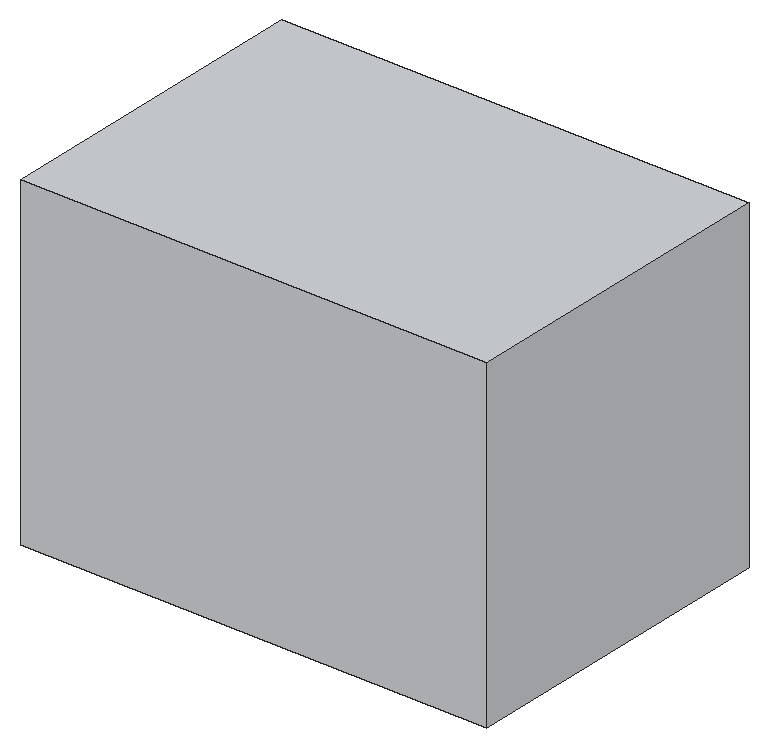
Revit family "ACM_57.71_Volume Control Damper_TVJ", category Duct Accessories, Revit 2017
Family settings
  Round Connector Dimension = Use Diameter
  Part Type = Damper
  Work Plane-Based = No
  Always vertical = Yes
  Cut with Voids When Loaded = No
  Shared = No
Parameters (values of type "57.71_VCD_Volume Control Damper_TVJ_200X200")
  magiProductId = "TVJD-*/200X200"
  magiProductFamilyId = "TVJD-*/*X*"
  magiProductCode = "TVJ-D/200X200"
  magiPartTypeId = 203
  ang2D [instance] = 0.00°
  W2D = 280 mm
  VersionID = "2.0/2016.10.37.0/TROX_TVJD_Q13_001"
  Productdata [instance] = "© Progman Oy, all rights reserved"
  Manufacturer = "TROX"
  MC_Default_elevation = 0 mm
  L2D = 400 mm
  L2 = 200 mm
  L = 400 mm
  H2D = 280 mm
  H22 = 140 mm
  H = 200 mm
  Description = "VAV control units, supply/extract air, acoustic cladding"
  CAT0 = yes
  B22 = 140 mm
  B = 200 mm
  ACM_MEP_Width = 0 mm
  ACM_MEP_Weight = 0.00 kg
  ACM_MEP_Voltage = 0 V
  ACM_MEP_Velocity_Min = 0.0 m/s
  ACM_MEP_Velocity_Max = 0.0 m/s
  ACM_MEP_Velocity [instance] = 0.0 m/s
  ACM_MEP_Sound Level_Min = ""
  ACM_MEP_Sound Level_Max = ""
  ACM_MEP_Sound Level [instance] = ""
  ACM_MEP_Pressure_Supply = 0.0 Pa
  ACM_MEP_Pressure_Min = 0.0 Pa
  ACM_MEP_Pressure_Max = 0.0 Pa
  ACM_MEP_Pressure_Exhaust = 0.0 Pa
  ACM_MEP_Pressure [instance] = 0.0 Pa
  ACM_MEP_Power_Load Classification = none
  ACM_MEP_Power Factor = 0
  ACM_MEP_Number of Poles = 1
  ACM_MEP_Number Type = "200mm x 200mm"
  ACM_MEP_Number Instance [instance] = ""
  ACM_MEP_Motor_Frecuency = 0
  ACM_MEP_Length = 0 mm
  ACM_MEP_Item Type = "VCD"
  ACM_MEP_Height = 0 mm
  ACM_MEP_Elec. Power = 0 W
  ACM_MEP_Elec. Frecuency = 0 Hz
  ACM_MEP_Connection_Width = 0 mm
  ACM_MEP_Connection_Type = ""
  ACM_MEP_Connection_Height = 0 mm
  ACM_MEP_Connection_Diameter = 0 mm
  ACM_MEP_Apparent Power = 0 VA
  ACM_MEP_Air Flow_Min = 0.0 L/s
  ACM_MEP_Air Flow_Max = 0.0 L/s
  ACM_MEP_Air Flow [instance] = 0.0 L/s
Types (49, lengths in mm): name | magiProductId | magiProductCode | W2D | H2D | H22 | H | B22 | B | ACM_MEP_Width | ACM_MEP_Number Type | ACM_MEP_Height | ACM_MEP_Connection_Width | ACM_MEP_Connection_Height | ACM_MEP_Connection_Diameter
  57.71_VCD_Volume Control Damper_TVJ_200X200 | "TVJD-*/200X200" | "TVJ-D/200X200" | 280 | 280 | 140 | 200 | 140 | 200 | 0 | "200mm x 200mm" | 0 | 0 | 0 | 0
  57.71_VCD_Volume Control Damper_TVJ_300X100 | "TVJD-*/300X100" | "TVJ-D/300X100" | 380 | 180 | 90 | 100 | 190 | 300 | 0 | "" | 0 | 0 | 0 | 0
  57.71_VCD_Volume Control Damper_TVJ_300X200 | "TVJD-*/300X200" | "TVJ-D/300X200" | 380 | 280 | 140 | 200 | 190 | 300 | 0 | "300mm x 200mm" | 0 | 0 | 0 | 0
  57.71_VCD_Volume Control Damper_TVJ_300X300 | "TVJD-*/300X300" | "TVJ-D/300X300" | 380 | 380 | 190 | 300 | 190 | 300 | 0 | "300mm x 300mm" | 0 | 0 | 0 | 0
  57.71_VCD_Volume Control Damper_TVJ_400X100 | "TVJD-*/400X100" | "TVJ-D/400X100" | 480 | 180 | 90 | 100 | 240 | 400 | 0 | "" | 0 | 0 | 0 | 0
  57.71_VCD_Volume Control Damper_TVJ_400X200 | "TVJD-*/400X200" | "TVJ-D/400X200" | 480 | 280 | 140 | 200 | 240 | 400 | 0 | "" | 0 | 0 | 0 | 0
  57.71_VCD_Volume Control Damper_TVJ_400X300 | "TVJD-*/400X300" | "TVJ-D/400X300" | 480 | 380 | 190 | 300 | 240 | 400 | 0 | "400mm x 300mm" | 0 | 0 | 0 | 0
  57.71_VCD_Volume Control Damper_TVJ_400X400 | "TVJD-*/400X400" | "TVJ-D/400X400" | 480 | 480 | 240 | 400 | 240 | 400 | 0 | "400mm x 400mm" | 0 | 0 | 0 | 0
  57.71_VCD_Volume Control Damper_TVJ_500X100 | "TVJD-*/500X100" | "TVJ-D/500X100" | 580 | 180 | 90 | 100 | 290 | 500 | 0 | "" | 0 | 0 | 0 | 0
  57.71_VCD_Volume Control Damper_TVJ_500X200 | "TVJD-*/500X200" | "TVJ-D/500X200" | 580 | 280 | 140 | 200 | 290 | 500 | 0 | "" | 0 | 0 | 0 | 0
  57.71_VCD_Volume Control Damper_TVJ_500X300 | "TVJD-*/500X300" | "TVJ-D/500X300" | 580 | 380 | 190 | 300 | 290 | 500 | 0 | "500mm x 300mm" | 0 | 0 | 0 | 0
  57.71_VCD_Volume Control Damper_TVJ_500X400 | "TVJD-*/500X400" | "TVJ-D/500X400" | 580 | 480 | 240 | 400 | 290 | 500 | 0 | "500mm x 400mm" | 0 | 0 | 0 | 0
  57.71_VCD_Volume Control Damper_TVJ_500X500 | "TVJD-*/500X500" | "TVJ-D/500X500" | 580 | 580 | 290 | 500 | 290 | 500 | 0 | "" | 0 | 0 | 0 | 0
  57.71_VCD_Volume Control Damper_TVJ_600X100 | "TVJD-*/600X100" | "TVJ-D/600X100" | 680 | 180 | 90 | 100 | 340 | 600 | 0 | "" | 0 | 0 | 0 | 0
  57.71_VCD_Volume Control Damper_TVJ_600X200 | "TVJD-*/600X200" | "TVJ-D/600X200" | 680 | 280 | 140 | 200 | 340 | 600 | 0 | "" | 0 | 0 | 0 | 0
  57.71_VCD_Volume Control Damper_TVJ_600X300 | "TVJD-*/600X300" | "TVJ-D/600X300" | 680 | 380 | 190 | 300 | 340 | 600 | 0 | "600mm x 300mm" | 0 | 0 | 0 | 0
  57.71_VCD_Volume Control Damper_TVJ_600X400 | "TVJD-*/600X400" | "TVJ-D/600X400" | 680 | 480 | 240 | 400 | 340 | 600 | 0 | "600mm x 400mm" | 0 | 0 | 0 | 0
  57.71_VCD_Volume Control Damper_TVJ_600X500 | "TVJD-*/600X500" | "TVJ-D/600X500" | 680 | 580 | 290 | 500 | 340 | 600 | 0 | "" | 0 | 0 | 0 | 0
  57.71_VCD_Volume Control Damper_TVJ_600X600 | "TVJD-*/600X600" | "TVJ-D/600X600" | 680 | 680 | 340 | 600 | 340 | 600 | 0 | "" | 0 | 0 | 0 | 0
  57.71_VCD_Volume Control Damper_TVJ_700X200 | "TVJD-*/700X200" | "TVJ-D/700X200" | 780 | 280 | 140 | 200 | 390 | 700 | 0 | "" | 0 | 0 | 0 | 0
  57.71_VCD_Volume Control Damper_TVJ_700X300 | "TVJD-*/700X300" | "TVJ-D/700X300" | 780 | 380 | 190 | 300 | 390 | 700 | 0 | "700mm x 300mm" | 0 | 0 | 0 | 0
  57.71_VCD_Volume Control Damper_TVJ_700X400 | "TVJD-*/700X400" | "TVJ-D/700X400" | 780 | 480 | 240 | 400 | 390 | 700 | 0 | "" | 0 | 0 | 0 | 0
  57.71_VCD_Volume Control Damper_TVJ_700X500 | "TVJD-*/700X500" | "TVJ-D/700X500" | 780 | 580 | 290 | 500 | 390 | 700 | 0 | "" | 0 | 0 | 0 | 0
  57.71_VCD_Volume Control Damper_TVJ_700X600 | "TVJD-*/700X600" | "TVJ-D/700X600" | 780 | 680 | 340 | 600 | 390 | 700 | 0 | "" | 0 | 0 | 0 | 0
  57.71_VCD_Volume Control Damper_TVJ_700X700 | "TVJD-*/700X700" | "TVJ-D/700X700" | 780 | 780 | 390 | 700 | 390 | 700 | 0 | "" | 0 | 0 | 0 | 0
  57.71_VCD_Volume Control Damper_TVJ_800X200 | "TVJD-*/800X200" | "TVJ-D/800X200" | 880 | 280 | 140 | 200 | 440 | 800 | 0 | "" | 0 | 0 | 0 | 0
  57.71_VCD_Volume Control Damper_TVJ_800X300 | "TVJD-*/800X300" | "TVJ-D/800X300" | 880 | 380 | 190 | 300 | 440 | 800 | 0 | "800mm x 300mm" | 0 | 0 | 0 | 0
  57.71_VCD_Volume Control Damper_TVJ_800X400 | "TVJD-*/800X400" | "TVJ-D/800X400" | 880 | 480 | 240 | 400 | 440 | 800 | 0 | "" | 0 | 0 | 0 | 0
  57.71_VCD_Volume Control Damper_TVJ_800X500 | "TVJD-*/800X500" | "TVJ-D/800X500" | 880 | 580 | 290 | 500 | 440 | 800 | 0 | "" | 0 | 0 | 0 | 0
  57.71_VCD_Volume Control Damper_TVJ_800X600 | "TVJD-*/800X600" | "TVJ-D/800X600" | 880 | 680 | 340 | 600 | 440 | 800 | 0 | "" | 0 | 0 | 0 | 0
  57.71_VCD_Volume Control Damper_TVJ_800X700 | "TVJD-*/800X700" | "TVJ-D/800X700" | 880 | 780 | 390 | 700 | 440 | 800 | 0 | "" | 0 | 0 | 0 | 0
  57.71_VCD_Volume Control Damper_TVJ_800X800 | "TVJD-*/800X800" | "TVJ-D/800X800" | 880 | 880 | 440 | 800 | 440 | 800 | 0 | "" | 0 | 0 | 0 | 0
  57.71_VCD_Volume Control Damper_TVJ_900X300 | "TVJD-*/900X300" | "TVJ-D/900X300" | 980 | 380 | 190 | 300 | 490 | 900 | 0 | "" | 0 | 0 | 0 | 0
  57.71_VCD_Volume Control Damper_TVJ_900X400 | "TVJD-*/900X400" | "TVJ-D/900X400" | 980 | 480 | 240 | 400 | 490 | 900 | 0 | "" | 0 | 0 | 0 | 0
  57.71_VCD_Volume Control Damper_TVJ_900X500 | "TVJD-*/900X500" | "TVJ-D/900X500" | 980 | 580 | 290 | 500 | 490 | 900 | 0 | "" | 0 | 0 | 0 | 0
  57.71_VCD_Volume Control Damper_TVJ_900X600 | "TVJD-*/900X600" | "TVJ-D/900X600" | 980 | 680 | 340 | 600 | 490 | 900 | 0 | "" | 0 | 0 | 0 | 0
  57.71_VCD_Volume Control Damper_TVJ_900X700 | "TVJD-*/900X700" | "TVJ-D/900X700" | 980 | 780 | 390 | 700 | 490 | 900 | 0 | "" | 0 | 0 | 0 | 0
  57.71_VCD_Volume Control Damper_TVJ_900X800 | "TVJD-*/900X800" | "TVJ-D/900X800" | 980 | 880 | 440 | 800 | 490 | 900 | 0 | "" | 0 | 0 | 0 | 0
  57.71_VCD_Volume Control Damper_TVJ_900X900 | "TVJD-*/900X900" | "TVJ-D/900X900" | 980 | 980 | 490 | 900 | 490 | 900 | 0 | "" | 0 | 0 | 0 | 0
  57.71_VCD_Volume Control Damper_TVJ_1000X300 | "TVJD-*/1000X300" | "TVJ-D/1000X300" | 1080 | 380 | 190 | 300 | 540 | 1000 | 0 | "1000mm x 300mm" | 0 | 0 | 0 | 0
  57.71_VCD_Volume Control Damper_TVJ_1000X400 | "TVJD-*/1000X400" | "TVJ-D/1000X400" | 1080 | 480 | 240 | 400 | 540 | 1000 | 1000 | "1000mm x 400mm" | 400 | 3 | 2 | 1
  57.71_VCD_Volume Control Damper_TVJ_1000X500 | "TVJD-*/1000X500" | "TVJ-D/1000X500" | 1080 | 580 | 290 | 500 | 540 | 1000 | 0 | "" | 0 | 0 | 0 | 0
  57.71_VCD_Volume Control Damper_TVJ_1000X600 | "TVJD-*/1000X600" | "TVJ-D/1000X600" | 1080 | 680 | 340 | 600 | 540 | 1000 | 0 | "" | 0 | 0 | 0 | 0
  57.71_VCD_Volume Control Damper_TVJ_1000X700 | "TVJD-*/1000X700" | "TVJ-D/1000X700" | 1080 | 780 | 390 | 700 | 540 | 1000 | 0 | "" | 0 | 0 | 0 | 0
  57.71_VCD_Volume Control Damper_TVJ_1000X800 | "TVJD-*/1000X800" | "TVJ-D/1000X800" | 1080 | 880 | 440 | 800 | 540 | 1000 | 0 | "" | 0 | 0 | 0 | 0
  57.71_VCD_Volume Control Damper_TVJ_1000X900 | "TVJD-*/1000X900" | "TVJ-D/1000X900" | 1080 | 980 | 490 | 900 | 540 | 1000 | 0 | "" | 0 | 0 | 0 | 0
  57.71_VCD_Volume Control Damper_TVJ_1000X1000 | "TVJD-*/1000X1000" | "TVJ-D/1000X1000" | 1080 | 1080 | 540 | 1000 | 540 | 1000 | 0 | "" | 0 | 0 | 0 | 0
  57.71_VCD_Volume Control Damper_TVJ_200X100 | "TVJD-*/200X100" | "TVJ-D/200X100" | 280 | 180 | 90 | 100 | 140 | 200 | 0 | "" | 0 | 0 | 0 | 0
  57.71_VCD_Volume Control Damper_TVJ_1500X400 | "TVJD-*/1000X400" | "TVJ-D/1000X400" | 1080 | 480 | 240 | 400 | 740 | 1500 | 1500 | "1500mm x 400mm" | 400 | 3 | 2 | 1
Reference planes
  plane 1 "Center (Front/Back)": y = 0
  plane 2 "XYPLANE": z = 0
  plane 3 "Center (Left/Right)": x = 0
  plane 4 "INIT_TEMP": y = 100
  plane 5 "153": x = -200
  plane 6 "152": x = 200
  plane 7 "151": y = 0
  plane 8 "150": z = 0
  plane 9 "149": y = -140
  plane 10 "148": y = 140
  plane 11 "147": z = -140
  plane 12 "146": z = 140
Forms (mm)
  Extrusion 1, solid, visible <- "CAT0"
    sketch origin (-200, -750, 0) x (0, 1, 0) y (0, 0, 1)
      loop
        line (890, 140) -> (610, 140) -> (610, -140) -> (890, -140) -> (890, 140)
    from 0 to 400 <- "L"
  Extrusion 2, solid, not visible
    sketch origin (200, -750, 0) x (0, 1, 0) y (0, 0, 1)
      loop
        circle (750, 0) r 10
    from 0 to -10
  Extrusion 3, solid, not visible
    sketch origin (-200, -750, 0) x (0, 1, 0) y (0, 0, 1)
      loop
        circle (750, 0) r 10
    from 0 to 10
Text (mm)
  text "© Progman Oy, all rights reserved" at (-472.209, -2482.653, 0), in view "Ref. Level"
Dimensions and locks
  plane 4 "INIT_TEMP" to plane 1 "Center (Front/Back)" = 100 mm
  "L2": plane 3 "Center (Left/Right)" to plane 5 "153"
  "L2": plane 3 "Center (Left/Right)" to plane 6 "152"
  locked: plane 1 "Center (Front/Back)" to plane 7 "151"
  locked: plane 2 "XYPLANE" to plane 8 "150"
  "B22": plane 1 "Center (Front/Back)" to plane 9 "149"
  "B22": plane 1 "Center (Front/Back)" to plane 10 "148"
  "H22": plane 2 "XYPLANE" to plane 11 "147"
  "H22": plane 2 "XYPLANE" to plane 12 "146"
  aligned and locked: level to plane 2 "XYPLANE"
  aligned and locked: Extrusion 1 sketch curve to plane 10 "148"  (x2)
  aligned and locked: plane 12 "146" to Extrusion 1 sketch curve  (x2)
  aligned and locked: plane 11 "147" to Extrusion 1 sketch curve  (x2)
  aligned and locked: Extrusion 1 sketch curve to plane 9 "149"
  aligned and locked: plane 9 "149" to Extrusion 1 sketch curve
  aligned and locked: Extrusion 2 sketch curve to plane 7 "151"
  aligned and locked: plane 8 "150" to Extrusion 2 sketch curve
  aligned and locked: Extrusion 3 sketch curve to plane 7 "151"
  aligned and locked: plane 8 "150" to Extrusion 3 sketch curve
Automatic sketch dimensions
  plane 1 "Center (Front/Back)" to Extrusion 2 sketch curve = 10 mm
  plane 1 "Center (Front/Back)" to Extrusion 3 sketch curve = 10 mm
Connectors
  hvac at (-200, 0, 0), driven by "B", driven by "H"
    settings: on Extrusion 3, index 1, duct flow 0.0 L/s, flow factor 0, pres drop 0.0 Pa, loss coef 0, conn angle 0.00°, conn width 200 mm, conn height 200 mm, conn diameter 609.6 mm, duct sys type 29, conn prof type 1, flow config 0, flow direction 0, loss method 0, conn ref index 2, conn util no, is conn primary yes, conn desc ""
  hvac at (200, 0, 0), driven by "B", driven by "H"
    settings: on Extrusion 2, index 2, duct flow 0.0 L/s, flow factor 0, pres drop 0.0 Pa, loss coef 0, conn angle 0.00°, conn width 200 mm, conn height 200 mm, conn diameter 609.6 mm, duct sys type 29, conn prof type 1, flow config 0, flow direction 0, loss method 0, conn ref index 1, conn util no, is conn primary no, conn desc ""
